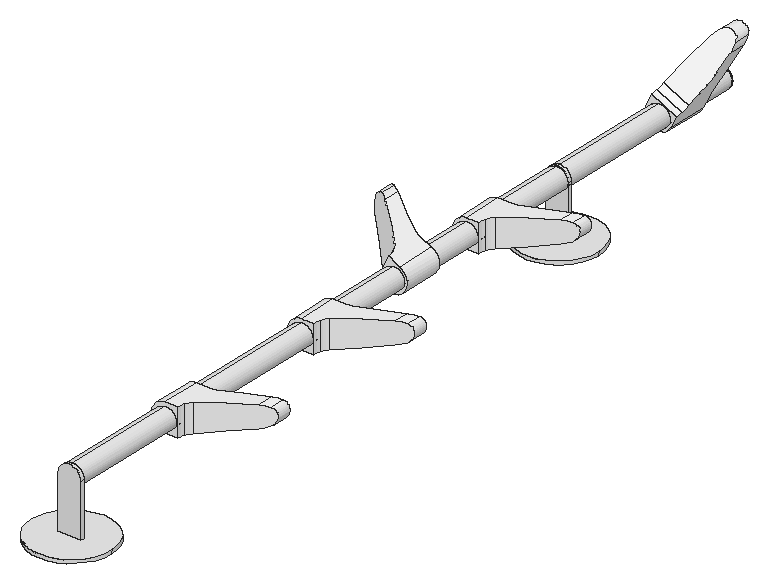
Revit family "Magnuson-Slide-Wall_Mounted_Coat_Tree-1", category Furniture, host Face, Revit 2016
Family settings
  Host = Face
  Cut with Voids When Loaded = No
  Shared = No
  Room Calculation Point = No
Parameters (values of type "SLIDE W2")
  Width = 4 11/16"
  URL = "www.magnusongroup.com"
  Type Comments = "Coat Hook Strips"  # constant formula
  Salvage or Reuse = no
  Revit File Built By = "https://servex-us.com/servex-revit/"
  Post Finish = MAG-Paint Steel White
  Percentage of Recycled Content = 0
  Model = "SLIDE W2"
  Manufacturer = "Magnuson Group"  # constant formula
  Low Emitting Material = yes
  Low Emitting Finish = yes
  Keynote = "12500"
  Hook Finish = MAG-Plastic White
  Height = 50"
  Description = "Wall mounted coat tree with 5 hooks"
  Depth = 7 3/4"
  Default Elevation = 48"
  Cap Finish = MAG-Paint Steel White
  Base Finish = MAG-Paint Steel White
  Assembly Code = "E2020200"
Reference planes (in)
  plane 1 "Center (Front/Back)": y = 0
  plane 2: z = 0
  plane 3 "Center (Left/Right)": x = 0
  plane 4: z = 6.93618
  plane 5: z = 0.19685
  plane 6: x = 3.99902
  plane 7: x = -3.68036
  plane 8: y = 28.01092
  plane 9: y = -21.93138
Forms (in)
  Extrusion 1, solid, material "MAG-Paint Steel White" <- "Base Finish"
    sketch origin (0, 0, 0) x (1, 0, 0) y (0, 1, 0)
      loop
        circle (0, 16.02941) r 2.33578
      loop
        circle (0, -19.59559) r 2.33578
    from 0 to 0.19685
  Extrusion 2, solid, material "MAG-Paint Steel White" <- "Base Finish"
    sketch origin (0, 0, 0) x (1, 0, 0) y (0, 0, 1)
      loop
        line (0.66929, 0.19685) -> (0.66929, 3.25699)
        arc (0.66929, 3.25699) -> (0, 3.92628) -> (-0.66929, 3.25699) r 0.66929
        line (-0.66929, 3.25699) -> (-0.66929, 0.19685) -> (0.66929, 0.19685)
      loop
        circle (0, 3.30186) r 0.61815
    from -16.10638 to -15.90953
  Extrusion 3, solid, material "MAG-Paint Steel White" <- "Base Finish"
    sketch origin (0, -35.62993, 0) x (1, 0, 0) y (0, 0, 1)
      loop
        line (0.66929, 0.19685) -> (0.66929, 3.25699)
        arc (0.66929, 3.25699) -> (0, 3.92628) -> (-0.66929, 3.25699) r 0.66929
        line (-0.66929, 3.25699) -> (-0.66929, 0.19685) -> (0.66929, 0.19685)
    from -16.10638 to -15.90953
Lines and regions (in)
  symbolic lines
    curve 1: line (2.33578, 0, 0.19685) -> (-2.33578, 0, 0.19685)
    curve 2: line (2.33578, 0, 0) -> (2.33578, 0, 0.19685)
    curve 3: line (-2.33578, 0, 0) -> (2.33578, 0, 0)
    curve 4: line (-2.33578, 0, 0.19685) -> (-2.33578, 0, 0)
    curve 5: line (0.66929, 0, 0.19685) -> (0.66929, 0, 2.48805)
    curve 6: line (-0.66929, 0, 0.19685) -> (-0.66929, 0, 2.71203)
Dimensions and locks (in)
  plane 2 to plane 5 to plane 4 = 0.19685" locked, 6.73933" locked
  plane 6 to plane 7 = 7.67939"
  plane 8 to plane 9 = 49.94229"
  aligned and locked: plane 2 to host face
  aligned and locked: level to host face
Nested families (in)
  nested 1: "Wall Hook" at (0, 3.80854, -40.70611), Cap Finish <- "Cap Finish", Hook Finish <- "Hook Finish", Post Finish <- "Post Finish", type "Hook"
    with Post Finish MAG-Paint Steel White, Hook Finish MAG-Plastic White, Cap Finish MAG-Paint Steel White
Definition of nested family "Wall Hook"
  Parameters (values of type "Hook")
    Post Finish [instance] = none
    Hook Finish [instance] = none
    Cap Finish [instance] = none
  Reference planes (in)
    plane 1 "Center (Front/Back)": y = 0
    plane 2: z = 0
    plane 3 "Center (Left/Right)": x = 0
  Forms (in)
    Extrusion 1, solid, material <- "Hook Finish"
      sketch origin (0.00807, -48.66823, 44.00424) x (-0.419768, 0, -0.907631) y (-0.907631, 0, 0.419768)
        loop
          arc (-0.81367, -0.00357) -> (0, -0.80487) -> (0.81367, -0.00357) r 0.81376
          arc (0.81367, -0.00357) -> (0.77892, 1.6415) -> (0.62451, 3.27967) r 22.59002
          arc (0.62451, 3.27967) -> (0.57436, 3.50418) -> (0.48508, 3.7162) r 1.28856
          arc (0.48508, 3.7162) -> (0, 4.00791) -> (-0.48508, 3.7162) r 0.54916
          arc (-0.48508, 3.7162) -> (-0.57436, 3.50418) -> (-0.62451, 3.27967) r 1.28856
          arc (-0.62451, 3.27967) -> (-0.77892, 1.6415) -> (-0.81367, -0.00357) r 22.59002
        loop
          circle (0, 0.00889) r 0.61695
      from 48.82973 to 53.06031
    Extrusion 2, void
      sketch origin (0.00807, -48.66823, 44.00424) x (-0.907631, 0, 0.419768) y (0, 1, 0)
        loop
          arc (4.06991, 52.17166) -> (2.49424, 50.93037) -> (1.00103, 49.59103) r 31.40408
          arc (1.00103, 49.59103) -> (0.85702, 49.40935) -> (0.76776, 49.19538) r 0.84577
          arc (0.76776, 49.19538) -> (0.73088, 48.97636) -> (0.73423, 48.75429) r 1.2227
          line (0.73423, 48.75429) -> (4.06991, 48.75429) -> (4.06991, 52.17166)
        loop
          arc (3.7662, 52.8329) -> (3.91051, 52.90212) -> (4.06991, 52.91658) r 0.45088
          line (4.06991, 52.91658) -> (4.06991, 53.12969) -> (-0.92451, 53.12969) -> (-0.92451, 51.13029) -> (0.70548, 51.13029)
          arc (0.70548, 51.13029) -> (0.87214, 51.14904) -> (1.03046, 51.20435) r 0.75
          arc (1.03046, 51.20435) -> (2.4345, 51.95786) -> (3.7662, 52.8329) r 17.95374
      from -1 to 1
    Extrusion 3, solid, material <- "Hook Finish"
      sketch origin (-0.00375, -29.25176, 43.99992) x (-0.906626, 0, 0.421935) y (0.421935, 0, 0.906626)
        loop
          arc (-0.81367, -0.00357) -> (0, -0.80487) -> (0.81367, -0.00357) r 0.81376
          arc (0.81367, -0.00357) -> (0.77892, 1.6415) -> (0.62451, 3.27967) r 22.59002
          arc (0.62451, 3.27967) -> (0.57436, 3.50418) -> (0.48508, 3.7162) r 1.28856
          arc (0.48508, 3.7162) -> (0, 4.00791) -> (-0.48508, 3.7162) r 0.54916
          arc (-0.48508, 3.7162) -> (-0.57436, 3.50418) -> (-0.62451, 3.27967) r 1.28856
          arc (-0.62451, 3.27967) -> (-0.77892, 1.6415) -> (-0.81367, -0.00357) r 22.59002
        loop
          circle (0, 0.00889) r 0.61695
      from 48.82973 to 53.06031
    Extrusion 4, void
      sketch origin (-0.00375, -29.25176, 43.99992) x (0.421935, 0, 0.906626) y (0, 1, 0)
        loop
          arc (4.06991, 52.17166) -> (2.49424, 50.93037) -> (1.00103, 49.59103) r 31.40408
          arc (1.00103, 49.59103) -> (0.85702, 49.40935) -> (0.76776, 49.19538) r 0.84577
          arc (0.76776, 49.19538) -> (0.73088, 48.97636) -> (0.73423, 48.75429) r 1.2227
          line (0.73423, 48.75429) -> (4.06991, 48.75429) -> (4.06991, 52.17166)
        loop
          arc (3.7662, 52.8329) -> (3.91051, 52.90212) -> (4.06991, 52.91658) r 0.45088
          line (4.06991, 52.91658) -> (4.06991, 53.12969) -> (-0.92451, 53.12969) -> (-0.92451, 51.13029) -> (0.70548, 51.13029)
          arc (0.70548, 51.13029) -> (0.87214, 51.14904) -> (1.03046, 51.20435) r 0.75
          arc (1.03046, 51.20435) -> (2.4345, 51.95786) -> (3.7662, 52.8329) r 17.95374
      from -1 to 1
    Extrusion 5, solid, material <- "Hook Finish"
      sketch origin (-0.00889, -55.37839, 44.00798) x (0, 0, 1) y (1, 0, 0)
        loop
          arc (-0.81367, -0.00357) -> (0, -0.80487) -> (0.81367, -0.00357) r 0.81376
          arc (0.81367, -0.00357) -> (0.77892, 1.6415) -> (0.62451, 3.27967) r 22.59002
          arc (0.62451, 3.27967) -> (0.57436, 3.50418) -> (0.48508, 3.7162) r 1.28856
          arc (0.48508, 3.7162) -> (0, 4.00791) -> (-0.48508, 3.7162) r 0.54916
          arc (-0.48508, 3.7162) -> (-0.57436, 3.50418) -> (-0.62451, 3.27967) r 1.28856
          arc (-0.62451, 3.27967) -> (-0.77892, 1.6415) -> (-0.81367, -0.00357) r 22.59002
        loop
          circle (0, 0.00889) r 0.61695
      from 48.82973 to 53.06031
    Extrusion 6, void
      sketch origin (-0.00889, -55.37839, 44.00798) x (1, 0, 0) y (0, 1, 0)
        loop
          arc (4.06991, 52.17166) -> (2.49424, 50.93037) -> (1.00103, 49.59103) r 31.40408
          arc (1.00103, 49.59103) -> (0.85702, 49.40935) -> (0.76776, 49.19538) r 0.84577
          arc (0.76776, 49.19538) -> (0.73088, 48.97636) -> (0.73423, 48.75429) r 1.2227
          line (0.73423, 48.75429) -> (4.06991, 48.75429) -> (4.06991, 52.17166)
        loop
          arc (3.7662, 52.8329) -> (3.91051, 52.90212) -> (4.06991, 52.91658) r 0.45088
          line (4.06991, 52.91658) -> (4.06991, 53.12969) -> (-0.92451, 53.12969) -> (-0.92451, 51.13029) -> (0.70548, 51.13029)
          arc (0.70548, 51.13029) -> (0.87214, 51.14904) -> (1.03046, 51.20435) r 0.75
          arc (1.03046, 51.20435) -> (2.4345, 51.95786) -> (3.7662, 52.8329) r 17.95374
      from -1 to 1
    Extrusion 7, solid, material <- "Hook Finish"
      sketch origin (-0.00889, -65.35726, 44.00798) x (0, 0, 1) y (1, 0, 0)
        loop
          arc (-0.81367, -0.00357) -> (0, -0.80487) -> (0.81367, -0.00357) r 0.81376
          arc (0.81367, -0.00357) -> (0.77892, 1.6415) -> (0.62451, 3.27967) r 22.59002
          arc (0.62451, 3.27967) -> (0.57436, 3.50418) -> (0.48508, 3.7162) r 1.28856
          arc (0.48508, 3.7162) -> (0, 4.00791) -> (-0.48508, 3.7162) r 0.54916
          arc (-0.48508, 3.7162) -> (-0.57436, 3.50418) -> (-0.62451, 3.27967) r 1.28856
          arc (-0.62451, 3.27967) -> (-0.77892, 1.6415) -> (-0.81367, -0.00357) r 22.59002
        loop
          circle (0, 0.00889) r 0.61695
      from 48.82973 to 53.06031
    Extrusion 8, void
      sketch origin (-0.00889, -65.35726, 44.00798) x (1, 0, 0) y (0, 1, 0)
        loop
          arc (4.06991, 52.17166) -> (2.49424, 50.93037) -> (1.00103, 49.59103) r 31.40408
          arc (1.00103, 49.59103) -> (0.85702, 49.40935) -> (0.76776, 49.19538) r 0.84577
          arc (0.76776, 49.19538) -> (0.73088, 48.97636) -> (0.73423, 48.75429) r 1.2227
          line (0.73423, 48.75429) -> (4.06991, 48.75429) -> (4.06991, 52.17166)
        loop
          arc (3.7662, 52.8329) -> (3.91051, 52.90212) -> (4.06991, 52.91658) r 0.45088
          line (4.06991, 52.91658) -> (4.06991, 53.12969) -> (-0.92451, 53.12969) -> (-0.92451, 51.13029) -> (0.70548, 51.13029)
          arc (0.70548, 51.13029) -> (0.87214, 51.14904) -> (1.03046, 51.20435) r 0.75
          arc (1.03046, 51.20435) -> (2.4345, 51.95786) -> (3.7662, 52.8329) r 17.95374
      from -1 to 1
    Extrusion 9, solid, material <- "Post Finish"
      sketch origin (0, -43.13508, 44.00798) x (0, 0, -1) y (-1, 0, 0)
        loop
          circle (0, 0) r 0.61695
      from 19.80299 to 67.24396
    Revolve 10, solid, material <- "Cap Finish"
      sketch origin (0, -43.13508, 44.00798) x (0, 1, 0) y (-1, 0, 0)
        loop
          arc (67.30679, 0.5932) -> (67.2976, 0.61101) -> (67.27888, 0.61815) r 0.02809
          line (67.27888, 0.61815) -> (67.24396, 0.61815) -> (67.24396, 0) -> (67.34007, 0)
          arc (67.34007, 0) -> (67.33175, 0.29707) -> (67.30679, 0.5932) r 5.30331
        axis (67.34007, 0) -> (67.24396, 0)
      angle from 0 to 360
    Extrusion 11, solid, material <- "Hook Finish"
      sketch origin (-0.00889, -43.30915, 44.00798) x (0, 0, 1) y (1, 0, 0)
        loop
          arc (-0.81367, -0.00357) -> (0, -0.80487) -> (0.81367, -0.00357) r 0.81376
          arc (0.81367, -0.00357) -> (0.77892, 1.6415) -> (0.62451, 3.27967) r 22.59002
          arc (0.62451, 3.27967) -> (0.57436, 3.50418) -> (0.48508, 3.7162) r 1.28856
          arc (0.48508, 3.7162) -> (0, 4.00791) -> (-0.48508, 3.7162) r 0.54916
          arc (-0.48508, 3.7162) -> (-0.57436, 3.50418) -> (-0.62451, 3.27967) r 1.28856
          arc (-0.62451, 3.27967) -> (-0.77892, 1.6415) -> (-0.81367, -0.00357) r 22.59002
        loop
          circle (0, 0.00889) r 0.61695
      from 48.82973 to 53.06031
    Extrusion 12, void
      sketch origin (-0.00889, -43.30915, 44.00798) x (1, 0, 0) y (0, 1, 0)
        loop
          arc (4.06991, 52.17166) -> (2.49424, 50.93037) -> (1.00103, 49.59103) r 31.40408
          arc (1.00103, 49.59103) -> (0.85702, 49.40935) -> (0.76776, 49.19538) r 0.84577
          arc (0.76776, 49.19538) -> (0.73088, 48.97636) -> (0.73423, 48.75429) r 1.2227
          line (0.73423, 48.75429) -> (4.06991, 48.75429) -> (4.06991, 52.17166)
        loop
          arc (3.7662, 52.8329) -> (3.91051, 52.90212) -> (4.06991, 52.91658) r 0.45088
          line (4.06991, 52.91658) -> (4.06991, 53.12969) -> (-0.92451, 53.12969) -> (-0.92451, 51.13029) -> (0.70548, 51.13029)
          arc (0.70548, 51.13029) -> (0.87214, 51.14904) -> (1.03046, 51.20435) r 0.75
          arc (1.03046, 51.20435) -> (2.4345, 51.95786) -> (3.7662, 52.8329) r 17.95374
      from -1 to 1
  Cuts and joins
    Extrusion 2 cuts Extrusion 1
    Extrusion 4 cuts Extrusion 3
    Extrusion 6 cuts Extrusion 5
    Extrusion 8 cuts Extrusion 7
    Extrusion 12 cuts Extrusion 11
  Lines and regions (in)
    symbolic lines
      curve 1: arc (0.73244, 0, 43.65337) -> (-0.34336, 0, 43.2702) -> (-0.74295, 0, 44.34) r 0.81376
      curve 2: arc (-0.74295, 0, 44.34) -> (-0.01733, 0, 45.81679) -> (0.81386, 0, 47.23685) r 22.59002
      curve 3: arc (1.94626, 0, 46.70984) -> (1.39504, 0, 45.15949) -> (0.73244, 0, 43.65337) r 22.59002
      curve 4: arc (2.00403, 0, 47.16445) -> (1.99551, 0, 46.93456) -> (1.94626, 0, 46.70984) r 1.28856
      curve 5: arc (0.81386, 0, 47.23685) -> (0.95406, 0, 47.41924) -> (1.12446, 0, 47.57379) r 1.28856
      curve 6: arc (1.12446, 0, 47.57379) -> (1.68733, 0, 47.63359) -> (2.00403, 0, 47.16445) r 0.54916
      curve 7: arc (3.27078, 0, 43.38346) -> (1.63261, 0, 43.22906) -> (-0.01246, 0, 43.19431) r 22.59002
      curve 8: arc (3.70731, 0, 43.5229) -> (3.49529, 0, 43.43362) -> (3.27078, 0, 43.38346) r 1.28856
      curve 9: arc (3.70731, 0, 44.49305) -> (3.99902, 0, 44.00798) -> (3.70731, 0, 43.5229) r 0.54916
      curve 10: arc (3.27078, 0, 44.63249) -> (3.49529, 0, 44.58233) -> (3.70731, 0, 44.49305) r 1.28856
      curve 11: arc (1.25104, 0, 44.80564) -> (2.26285, 0, 44.74173) -> (3.27078, 0, 44.63249) r 22.59002
      curve 12: arc (-0.33025, 0, 43.26424) -> (-1.80877, 0, 43.98632) -> (-3.23081, 0, 44.81412) r 22.59002
      curve 13: arc (-3.23081, 0, 44.81412) -> (-3.41353, 0, 44.95388) -> (-3.56849, 0, 45.12392) r 1.28856
      curve 14: arc (-3.56849, 0, 45.12392) -> (-3.62964, 0, 45.68664) -> (-3.16125, 0, 46.00446) r 0.54916
      curve 15: arc (-3.16125, 0, 46.00446) -> (-2.93134, 0, 45.99649) -> (-2.70651, 0, 45.94777) r 1.28856
      curve 16: arc (-2.70651, 0, 45.94777) -> (-1.53847, 0, 45.54753) -> (-0.39405, 0, 45.08408) r 22.59002
      curve 17: arc (0.61815, 0, 44.00798) -> (0, 0, 44.62613) -> (-0.61815, 0, 44.00798) r 0.61815
      curve 18: arc (-0.61815, 0, 44.00798) -> (0, 0, 43.38982) -> (0.61815, 0, 44.00798) r 0.61815
  Dimensions and locks (in)
    aligned and locked: plane 2 to level
    aligned and locked: curve 1 to cut or joined group of Extrusion 3, Extrusion 4
    aligned and locked: curve 2 to cut or joined group of Extrusion 3, Extrusion 4
    aligned and locked: curve 3 to cut or joined group of Extrusion 3, Extrusion 4
    aligned and locked: curve 4 to cut or joined group of Extrusion 3, Extrusion 4
    aligned and locked: curve 5 to cut or joined group of Extrusion 3, Extrusion 4
    aligned and locked: curve 6 to cut or joined group of Extrusion 3, Extrusion 4
    aligned and locked: curve 7 to cut or joined group of Extrusion 11, Extrusion 12
    aligned and locked: curve 8 to cut or joined group of Extrusion 11, Extrusion 12
    aligned and locked: curve 9 to cut or joined group of Extrusion 11, Extrusion 12
    aligned and locked: curve 10 to cut or joined group of Extrusion 11, Extrusion 12
    aligned and locked: curve 11 to cut or joined group of Extrusion 11, Extrusion 12
    aligned and locked: curve 12 to cut or joined group of Extrusion 1, Extrusion 2
    aligned and locked: curve 13 to cut or joined group of Extrusion 1, Extrusion 2
    aligned and locked: curve 14 to cut or joined group of Extrusion 1, Extrusion 2
    aligned and locked: curve 15 to cut or joined group of Extrusion 1, Extrusion 2
    aligned and locked: curve 16 to cut or joined group of Extrusion 1, Extrusion 2
    aligned and locked: curve 17 to Revolve 10
    aligned and locked: curve 18 to Revolve 10
